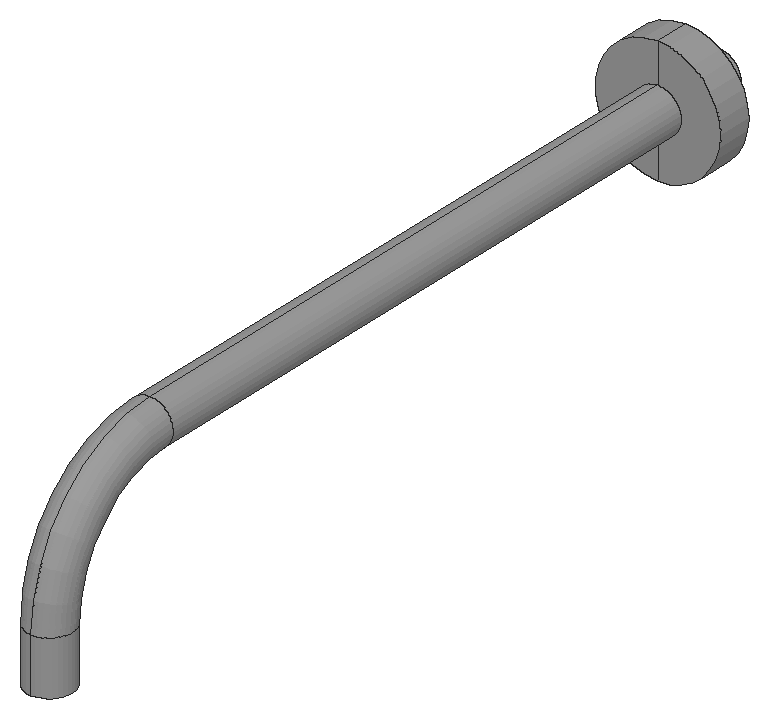
Revit family "BRAZO MURO  350MM NEGRO MATE", category Plumbing Fixtures, Revit 2019
Family settings
  Round Connector Dimension = Use Diameter
  Part Type = Normal
  OmniClass Number = 23.45.00.00
  OmniClass Title = Sanitary, Laundry, and Cleaning Equipment
  Work Plane-Based = No
  Always vertical = Yes
  Cut with Voids When Loaded = No
  Shared = No
  Room Calculation Point = No
Reference planes
  plane 1 "Center (Front/Back)": y = 0
  plane 2: z = 0
  plane 3 "Center (Left/Right)": x = 0
Forms (mm)
  Sweep 1, solid
    path origin (0, 0, 0) x (0, 1, 0) y (0, 0, 1)
      loop
        line (400, 86) -> (60, 86)
        arc (60, 86) -> (17.574, 68.426) -> (0, 26) r 60
        line (0, 26) -> (0, 0)
    profile origin (0, 0, 0) x (1, 0, 0) y (0, 1, 0)
      loop
        circle (0, 0) r 11
  Revolve 2, solid
    sketch origin (0, 0, 0) x (0, 1, 0) y (0, 0, 1)
      loop
        line (380.422, 86) -> (380.422, 116) -> (363.925, 116) -> (363.925, 86) -> (380.422, 86)
      axis (380.422, 86) -> (363.925, 86)
    angle from 0 to 360
Cuts and joins
  joined: Sweep 1, Revolve 2
Dimensions and locks
  aligned and locked: level to plane 2
